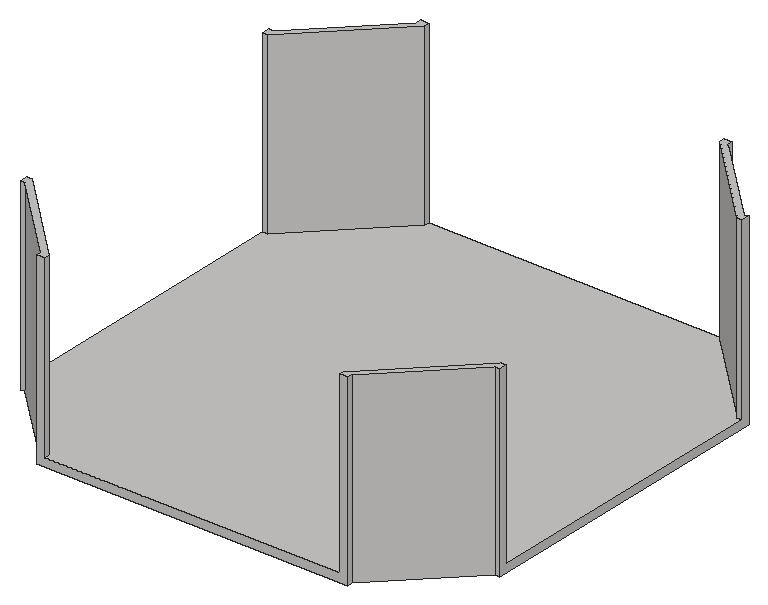
Revit family "Cable_Tray_Fitting-Ventilated_Tray-OBO_Bettermann-Channel_Horizontal_Cross_Over_100-300-MKS", category Cable Tray Fittings, Revit 2012
Parameters (values of type "Hot Dipped Galvanised")
  URL = "http://www.obo-bettermann.com/"
  Tray Width 3 [instance] = 100 mm
  Tray Width 1 [instance] = 100 mm
  Tray Length [instance] = 1.588 mm
  Tray Height [instance] = 60 mm
  built-in parameter 1140111 [instance] = 2.58 mm
  Radius Label 1 [instance] = Radius Label + [built-in parameter 1140111]  # 27.98 mm
  Radius Label [instance] = Radius  # 25.4 mm
  Radius = 25.4 mm
  Product Page URL = "http://catalog2.obo-bettermann.com/catalogue/catalogue.do?favOid=kts_315277&act=showIO&lang=en&action=start&catId=KTS&forward=showSolutionView"
  Product Documentation Link = ""
  Pre Galvanized = yes
  Model = "MKS"
  Manufacturer = "OBO Bettermann"
  Description = "Ventilated Cable Tray"
  Connector Description 4 = "Connector for Cable Tray 4"  # constant formula
  Connector Description 3 = "Connector for Cable Tray 3"  # constant formula
  Connector Description 2 = "Connector for Cable Tray 2"  # constant formula
  Connector Description = "Connector for Cable Tray 1"  # constant formula
  Classification = "Refer to online Catalog for UL and cUL classifed sizes and wire sizes."
  Cable Tray Material = Metal - OBO Bettermann - Hot-Dipped-Galvanised
  Assembly Code = "D5030600"
Types (2, lengths in mm): name | Cable Tray Material
  Stripped Galvanised | Metal - OBO Bettermann - Strip-Galvanised
  Hot Dipped Galvanised | Metal - OBO Bettermann - Hot-Dipped-Galvanised
Reference planes
  plane 1 "Center (Front/Back)": y = 0
  plane 2: z = 0
  plane 3 "Center (Left/Right)": x = 0
  plane 4: y = 50
  plane 5: y = -50
  plane 6: z = 30
  plane 7: z = -30
  plane 8: y = -75.4
  plane 9: x = -50
  plane 10: x = 50
  plane 11: x = -75.4
  plane 12: x = 75.4
  plane 13: y = -47.42
  plane 14: y = 47.42
  plane 15: y = -76.988
  plane 16: x = -47.42
  plane 17: x = 47.42
  plane 18: x = -76.987
  plane 19: x = 76.988
  plane 20: z = -27.42
  plane 21: y = 75.4
  plane 22: y = 76.987
Forms (mm)
  Extrusion 1, solid, material "Metal - OBO Bettermann - Hot-Dipped-Galvanised" <- "Cable Tray Material", detail levels medium+fine
    sketch origin (-0.8, 0, 0) x (1, 0, 0) y (0, 1, 0)
      loop
        line (-76.187, -47.42) -> (-76.187, -50) -> (-74.6, -50) -> (-49.2, -75.4) -> (-49.2, -76.988) -> (-46.62, -76.988) -> (-46.62, -75.4) -> (-74.6, -47.42) -> (-76.187, -47.42)
      loop
        line (76.2, -50) -> (77.788, -50) -> (77.788, -47.42) -> (76.2, -47.42) -> (48.22, -75.4) -> (48.22, -76.988) -> (50.8, -76.988) -> (50.8, -75.4) -> (76.2, -50)
      loop
        line (-76.187, 50) -> (-76.187, 47.42) -> (-74.6, 47.42) -> (-46.62, 75.4) -> (-46.62, 76.987) -> (-49.2, 76.987) -> (-49.2, 75.4) -> (-74.6, 50) -> (-76.187, 50)
      loop
        line (48.22, 76.987) -> (48.22, 75.4) -> (76.2, 47.42) -> (77.788, 47.42) -> (77.788, 50) -> (76.2, 50) -> (50.8, 75.4) -> (50.8, 76.987) -> (48.22, 76.987)
    from -30 to 30
  Extrusion 2, solid, material "Metal - OBO Bettermann - Hot-Dipped-Galvanised" <- "Cable Tray Material", detail levels medium+fine
    sketch origin (0, 0, 0) x (1, 0, 0) y (0, 1, 0)
      loop
        line (-76.987, -50) -> (-75.4, -50) -> (-50, -75.4) -> (-50, -76.988) -> (50, -76.988) -> (50, -75.4) -> (75.4, -50) -> (76.988, -50) -> (76.988, 50) -> (75.4, 50) -> (50, 75.4) -> (50, 76.987) -> (-50, 76.987) -> (-50, 75.4) -> (-75.4, 50) -> (-76.987, 50) -> (-76.987, -50)
    from -30 to -27.42
  Extrusion 3, solid, material "Metal - OBO Bettermann - Hot-Dipped-Galvanised" <- "Cable Tray Material", detail levels medium
    sketch origin (0, 0, 0) x (1, 0, 0) y (0, 1, 0)
      loop
        line (-76.987, 50) -> (-76.987, -50) -> (-75.4, -50) -> (-50, -75.4) -> (-50, -76.988) -> (50, -76.988) -> (50, -75.4) -> (75.4, -50) -> (76.988, -50) -> (76.988, 50) -> (75.4, 50) -> (50, 75.4) -> (50, 76.987) -> (-50, 76.987) -> (-50, 75.4) -> (-75.4, 50) -> (-76.987, 50)
    from -30 to 30
Cuts and joins
  joined: Extrusion 1, Extrusion 2
Lines and regions (mm)
  model lines, style "Coarse View", detail levels coarse
    curve 1: line (-76.987, 0, 0) -> (76.988, 0, 0)
    curve 2: line (0, 0, 0) -> (0, -76.988, 0)
    curve 3: line (0, 76.987, 0) -> (0, 0, 0)
  symbolic lines, detail levels fine
    curve 4: line (47.42, 76.987, 0) -> (47.42, 75.4, 0)
    curve 5: line (47.42, 75.4, 0) -> (75.4, 47.42, 0)
    curve 6: line (75.4, 47.42, 0) -> (76.988, 47.42, 0)
    curve 7: line (76.988, -47.42, 0) -> (75.4, -47.42, 0)
    curve 8: line (75.4, -47.42, 0) -> (47.42, -75.4, 0)
    curve 9: line (47.42, -75.4, 0) -> (47.42, -76.988, 0)
    curve 10: line (-47.42, -76.988, 0) -> (-47.42, -75.4, 0)
    curve 11: line (-47.42, -75.4, 0) -> (-75.4, -47.42, 0)
    curve 12: line (-75.4, -47.42, 0) -> (-76.987, -47.42, 0)
Dimensions and locks
  equal spacing: plane 4, plane 1 "Center (Front/Back)", plane 5
  "Tray Width 1": plane 4 to plane 5
  equal spacing: plane 6, plane 2, plane 7
  "Tray Height": plane 6 to plane 7
  "Radius Label": plane 5 to plane 8
  equal spacing: plane 9, plane 3 "Center (Left/Right)", plane 10
  "Tray Width 3": plane 9 to plane 10
  "Radius Label": plane 11 to plane 9
  "Radius Label": plane 10 to plane 12
  "built-in parameter 1140111": plane 13 to plane 5
  "built-in parameter 1140111": plane 4 to plane 14
  "Tray Length": plane 8 to plane 15
  "built-in parameter 1140111": plane 9 to plane 16
  "built-in parameter 1140111": plane 17 to plane 10
  "Tray Length": plane 18 to plane 11
  "Tray Length": plane 12 to plane 19
  "built-in parameter 1140111": plane 20 to plane 7
  "Tray Length": plane 21 to plane 22
  "Radius": plane 21 to plane 4
  aligned and locked: plane 11 to Extrusion 1 sketch curve  (x4)
  aligned and locked: Extrusion 1 sketch curve to plane 13
  aligned and locked: plane 18 to Extrusion 1 sketch curve  (x2)
  aligned and locked: Extrusion 1 sketch curve to plane 5
  aligned and locked: plane 8 to Extrusion 1 sketch curve  (x4)
  aligned and locked: plane 15 to Extrusion 1 sketch curve  (x2)
  aligned and locked: plane 16 to Extrusion 1 sketch curve  (x3)
  aligned and locked: plane 9 to Extrusion 1 sketch curve  (x3)
  aligned and locked: Extrusion 1 sketch curve to plane 15  (x2)
  aligned and locked: Extrusion 1 sketch curve to plane 18  (x2)
  aligned and locked: Extrusion 1 to plane 7
  aligned and locked: plane 6 to Extrusion 1
  aligned and locked: plane 19 to Extrusion 1 sketch curve  (x3)
  aligned and locked: plane 5 to Extrusion 1 sketch curve  (x3)
  aligned and locked: plane 13 to Extrusion 1 sketch curve  (x3)
  aligned and locked: Extrusion 1 sketch curve to plane 19
  aligned and locked: Extrusion 1 sketch curve to plane 17
  aligned and locked: Extrusion 1 sketch curve to plane 10  (x2)
  aligned and locked: plane 10 to Extrusion 1 sketch curve  (x2)
  aligned and locked: plane 17 to Extrusion 1 sketch curve  (x3)
  aligned and locked: plane 18 to Extrusion 2 sketch curve  (x2)
  aligned and locked: plane 11 to Extrusion 2 sketch curve  (x2)
  aligned and locked: Extrusion 2 sketch curve to plane 5
  aligned and locked: plane 4 to Extrusion 2 sketch curve
  aligned and locked: plane 5 to Extrusion 2 sketch curve
  aligned and locked: plane 19 to Extrusion 2 sketch curve  (x2)
  aligned and locked: plane 12 to Extrusion 2 sketch curve  (x2)
  aligned and locked: plane 8 to Extrusion 2 sketch curve  (x2)
  aligned and locked: plane 15 to Extrusion 2 sketch curve
  aligned and locked: plane 10 to Extrusion 2 sketch curve
  aligned and locked: plane 9 to Extrusion 2 sketch curve
  aligned and locked: Extrusion 2 sketch curve to plane 15
  aligned and locked: Extrusion 2 to plane 7
  aligned and locked: plane 20 to Extrusion 2
  aligned and locked: plane 18 to Extrusion 3 sketch curve  (x2)
  aligned and locked: plane 11 to Extrusion 3 sketch curve  (x2)
  aligned and locked: Extrusion 3 sketch curve to plane 5  (x2)
  aligned and locked: plane 4 to Extrusion 3 sketch curve  (x2)
  aligned and locked: plane 5 to Extrusion 3 sketch curve
  aligned and locked: plane 12 to Extrusion 3 sketch curve  (x2)
  aligned and locked: plane 19 to Extrusion 3 sketch curve  (x2)
  aligned and locked: plane 15 to Extrusion 3 sketch curve
  aligned and locked: Extrusion 3 sketch curve to plane 10  (x2)
  aligned and locked: plane 8 to Extrusion 3 sketch curve
  aligned and locked: plane 10 to Extrusion 3 sketch curve
  aligned and locked: plane 9 to Extrusion 3 sketch curve
  aligned and locked: Extrusion 3 sketch curve to plane 15
  aligned and locked: Extrusion 3 to plane 7
  aligned and locked: plane 6 to Extrusion 3
  aligned and locked: plane 19 to curve 1
  aligned and locked: plane 18 to curve 1
  aligned and locked: plane 15 to curve 2
  aligned and locked: plane 1 "Center (Front/Back)" to curve 2
  aligned and locked: curve 2 to plane 3 "Center (Left/Right)"
  aligned and locked: Extrusion 1 sketch curve to plane 14
  aligned and locked: Extrusion 1 sketch curve to plane 4
  aligned and locked: plane 22 to Extrusion 1 sketch curve  (x4)
  aligned and locked: Extrusion 1 sketch curve to plane 9
  aligned and locked: Extrusion 1 sketch curve to plane 16
  aligned and locked: plane 4 to Extrusion 1 sketch curve  (x2)
  aligned and locked: plane 14 to Extrusion 1 sketch curve  (x2)
  aligned and locked: plane 22 to Extrusion 3 sketch curve  (x2)
  aligned and locked: plane 21 to Extrusion 3 sketch curve  (x2)
  aligned and locked: Extrusion 3 sketch curve to plane 9
  aligned and locked: plane 22 to Extrusion 2 sketch curve  (x2)
  aligned and locked: plane 21 to Extrusion 2 sketch curve  (x2)
  aligned and locked: Extrusion 2 sketch curve to plane 9
  aligned and locked: Extrusion 2 sketch curve to plane 10
  aligned and locked: plane 22 to curve 3
  aligned and locked: curve 3 to plane 3 "Center (Left/Right)"
  aligned and locked: plane 12 to Extrusion 1 sketch curve  (x3)
  aligned and locked: plane 21 to Extrusion 1 sketch curve  (x4)
  aligned and locked: Extrusion 3 sketch curve to cut or joined group of Extrusion 1, Extrusion 2  (x4)
  aligned and locked: Extrusion 2 sketch curve to cut or joined group of Extrusion 1, Extrusion 2  (x4)
  aligned and locked: curve 4 to cut or joined group of Extrusion 1, Extrusion 2
  aligned and locked: curve 5 to cut or joined group of Extrusion 1, Extrusion 2
  aligned and locked: curve 6 to cut or joined group of Extrusion 1, Extrusion 2
  aligned and locked: curve 7 to cut or joined group of Extrusion 1, Extrusion 2
  aligned and locked: curve 8 to cut or joined group of Extrusion 1, Extrusion 2
  aligned and locked: curve 9 to cut or joined group of Extrusion 1, Extrusion 2
  aligned and locked: curve 10 to cut or joined group of Extrusion 1, Extrusion 2
  aligned and locked: curve 11 to cut or joined group of Extrusion 1, Extrusion 2
  aligned and locked: curve 12 to cut or joined group of Extrusion 1, Extrusion 2
  aligned and locked: plane 18 to curve 12
  aligned and locked: plane 15 to curve 10
  aligned and locked: plane 15 to curve 9
  aligned and locked: plane 19 to curve 7
  aligned and locked: plane 19 to cut or joined group of Extrusion 1, Extrusion 2
  aligned and locked: plane 19 to curve 6
  aligned and locked: plane 22 to curve 4
  aligned and locked: plane 22 to cut or joined group of Extrusion 1, Extrusion 2
Automatic sketch dimensions
  Extrusion 1 sketch curve to plane 12 = 0 mm
  curve 4 to plane 17 = 0 mm
  curve 5 to plane 12 = 0 mm
  curve 5 to plane 14 = 0 mm
  plane 21 to curve 4 = 0 mm
  curve 8 to plane 8 = 0 mm
  curve 8 to plane 17 = 0 mm
  curve 8 to plane 12 = 0 mm
  curve 7 to plane 13 = 0 mm
  curve 11 to plane 11 = 0 mm
  curve 10 to plane 16 = 0 mm
  curve 10 to plane 8 = 0 mm
  curve 11 to plane 13 = 0 mm
Connectors
  cabletrayconduit at (-76.987, 0, 0), driven by "Tray Height", driven by "Tray Width 1", driven by "Connector Description"
    settings: on Extrusion 3, index 1, connector width 100 mm, connector height 60 mm, connector radius 304.8 mm, connector angle 0.00°, system type 32, placement type 0, profile type 1, connector reference index 2, is primary connector yes, connector utility param no, connector description "Connector for Cable Tray 1"
  cabletrayconduit at (76.988, 0, 0), driven by "Tray Height", driven by "Tray Width 1", driven by "Connector Description 2"
    settings: on Extrusion 3, index 2, connector width 100 mm, connector height 60 mm, connector radius 304.8 mm, connector angle 0.00°, system type 32, placement type 0, profile type 1, connector reference index 1, is primary connector no, connector utility param no, connector description "Connector for Cable Tray 2"
  cabletrayconduit at (0, -76.988, 0), driven by "Tray Height", driven by "Tray Width 3", driven by "Connector Description 3"
    settings: on Extrusion 3, index 3, connector width 100 mm, connector height 60 mm, connector radius 304.8 mm, connector angle 0.00°, system type 32, placement type 0, profile type 1, connector reference index 4, is primary connector no, connector utility param no, connector description "Connector for Cable Tray 3"
  cabletrayconduit at (0, 76.987, 0), driven by "Tray Height", driven by "Tray Width 3", driven by "Connector Description 4"
    settings: on Extrusion 3, index 4, connector width 100 mm, connector height 60 mm, connector radius 304.8 mm, connector angle 0.00°, system type 32, placement type 0, profile type 1, connector reference index 3, is primary connector no, connector utility param no, connector description "Connector for Cable Tray 4"
